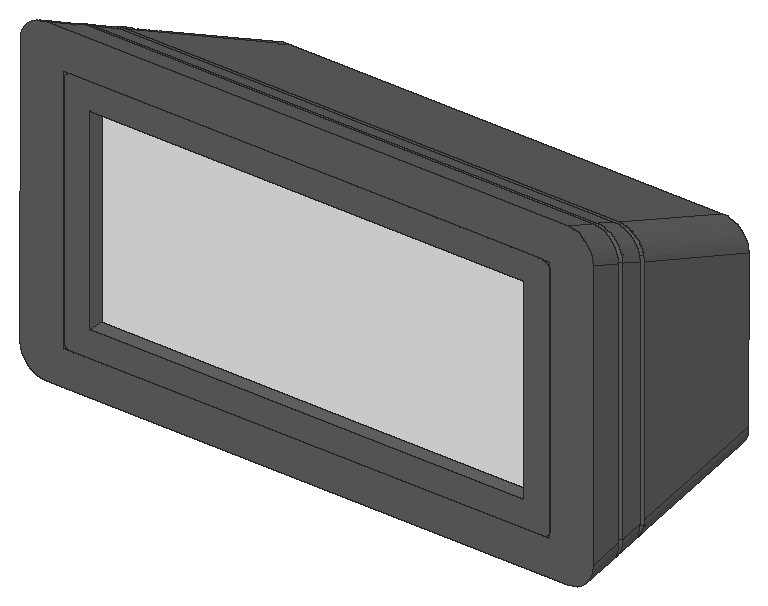
Revit family "TRP2", category Lighting Fixtures, host Face, Revit 2021
Family settings
  Host = Face
  Round Connector Dimension = Use Diameter
  Part Type = Normal
  OmniClass Number = 23.80.70.11
  OmniClass Title = Luminaries for Internal Lighting
  Cut with Voids When Loaded = No
  Light Source = Yes
  Shared = No
  Room Calculation Point = No
Parameters (values of type "TRP2")
  Wattage Comments = "30W"
  Wattage = 30 W
  built-in parameter 1150110 = 1 (stored number, unit not read)
  URL = "https://www.currentlighting.com/exo"
  built-in parameter 1114217 = 1 (stored number, unit not read)
  Tilt Angle = 70.00°
  built-in parameter 1150109 = 1 (stored number, unit not read)
  built-in parameter 1150134 = 3
  built-in parameter 1150113 = 1 (stored number, unit not read)
  Product Page URL = ""
  Product Documentation Link = ""
  Photometric Web File = "TRP2-24L-30-3K7-1.ies"
  Model = "TRP2"  # constant formula
  Manufacturer = "EXO"  # constant formula
  built-in parameter 1150105 = -14137770.2 (stored number, unit not read)
  Lumens = 3930 lm
  built-in parameter 1150115 = 1 (stored number, unit not read)
  built-in parameter 1150137 = (empty or 0)
  built-in parameter 1150139 = (empty or 0)
  built-in parameter 1150112 = 1 (stored number, unit not read)
  built-in parameter 1150114 = 1 (stored number, unit not read)
  Lamp = "One"
  Opal lens = Glass - White
  built-in parameter 1150132 = (empty or 0)
  built-in parameter 1150102 = (empty or 0)
  built-in parameter 1150107 = 3200 (stored number, unit not read)
  built-in parameter 1150138 = (empty or 0)
  built-in parameter 1150106 = -141377.7 (stored number, unit not read)
  Finish2 = White
  built-in parameter 1150104 = 12.17 (stored number, unit not read)
  Dimming Lamp Color Temperature Shift = <None>
  Description = "Mid sized architectural wallpacks in three stylish shapes with molded contours to accentuate building architecture. Provides excellent illumination in energy-saving LED systems."  # constant formula
  Default Elevation = 48"
  Finish = Paint -  Textured Camera Black
  Color Filter = 16777215
  built-in parameter 1114218 = 1 (stored number, unit not read)
  built-in parameter 1150133 = 10 (stored number, unit not read)
Reference planes (in)
  plane 1 "Center (Front/Back)": y = 2
  plane 2: z = 0
  plane 3 "Center (Left/Right)": x = 0
  plane 4: y = -5.13
  plane 5: z = 9.25
  plane 6: x = 8.25
  plane 7: x = -8.25
  plane 8: y = -3.88
Forms (in)
  SweptBlend 1, solid, material "Paint -  Textured Camera Black" <- "Finish"
    path origin (0, 0, 0) x (0, 1, 0) y (0, 0, 1)
      loop
        line (2, 4.625) -> (-5.13, 4.625)
    profile origin (0, 2, 4.625) x (0, 0, -1) y (1, 0, 0)
      loop
        arc (-1.375, -6.25) -> (-1.15533, -6.78033) -> (-0.625, -7) r 0.75
        line (-0.625, -7) -> (3.875, -7)
        arc (3.875, -7) -> (4.40533, -6.78033) -> (4.625, -6.25) r 0.75
        line (4.625, -6.25) -> (4.625, 6.25)
        arc (4.625, 6.25) -> (4.40533, 6.78033) -> (3.875, 7) r 0.75
        line (3.875, 7) -> (-0.625, 7)
        arc (-0.625, 7) -> (-1.15533, 6.78033) -> (-1.375, 6.25) r 0.75
        line (-1.375, 6.25) -> (-1.375, -6.25)
    end profile origin (0, -5.13, 4.625) x (0, 0, -1) y (1, 0, 0)
      loop
        arc (-4.625, -7.5) -> (-4.40533, -8.03033) -> (-3.875, -8.25) r 0.75
        line (-3.875, -8.25) -> (3.875, -8.25)
        arc (3.875, -8.25) -> (4.40533, -8.03033) -> (4.625, -7.5) r 0.75
        line (4.625, -7.5) -> (4.625, 7.5)
        arc (4.625, 7.5) -> (4.40533, 8.03033) -> (3.875, 8.25) r 0.75
        line (3.875, 8.25) -> (-3.875, 8.25)
        arc (-3.875, 8.25) -> (-4.40533, 8.03033) -> (-4.625, 7.5) r 0.75
        line (-4.625, 7.5) -> (-4.625, -7.5)
  Extrusion 2, void
    sketch origin (0, 0, 0) x (0, -1, 0) y (0, 0, 1)
      loop
        line (-1, 5.35683) -> (-1, 1) -> (5.30627, 1) -> (5.30627, 8.23136) -> (-1, 5.35683)
    from -7 to 7
  Extrusion 3, solid, material "Paint -  Textured Camera Black" <- "Finish"
    sketch origin (0, 2, 0) x (1, 0, 0) y (0, 0, 1)
      loop
        arc (-6.75, 8.15101) -> (-6.92678, 8.07779) -> (-7, 7.90101) r 0.25
        line (-7, 7.90101) -> (-7, 1.25)
        arc (-7, 1.25) -> (-6.92678, 1.07322) -> (-6.75, 1) r 0.25
        line (-6.75, 1) -> (6.75, 1)
        arc (6.75, 1) -> (6.92678, 1.07322) -> (7, 1.25) r 0.25
        line (7, 1.25) -> (7, 7.90101)
        arc (7, 7.90101) -> (6.92678, 8.07779) -> (6.75, 8.15101) r 0.25
        line (6.75, 8.15101) -> (-6.75, 8.15101)
      loop
        line (-6.25, 7.40101) -> (-6.25, 1.75) -> (6.25, 1.75) -> (6.25, 7.40101) -> (-6.25, 7.40101)
    from 6.6851 to 7.13
  Extrusion 4, solid, material "Glass - White" <- "Opal lens"
    sketch origin (0, 2, 0) x (1, 0, 0) y (0, 0, 1)
      loop
        line (-6.25, 7.40101) -> (-6.25, 1.75) -> (6.25, 1.75) -> (6.25, 7.40101) -> (-6.25, 7.40101)
    from 6.52156 to 6.6851
  Sweep 5, void
    path origin (0, -3.88, 10.14537) x (0, 0, 1) y (-1, 0, 0)
      loop
        arc (-10.14537, -7.2953) -> (-9.9257, -7.82563) -> (-9.39537, -8.0453) r 0.75
        line (-9.39537, -8.0453) -> (-2.25312, -8.0453)
        arc (-2.25312, -8.0453) -> (-1.72279, -7.82563) -> (-1.50312, -7.2953) r 0.75
        line (-1.50312, -7.2953) -> (-1.50312, 7.32124)
        arc (-1.50312, 7.32124) -> (-1.72279, 7.85157) -> (-2.25312, 8.07124) r 0.75
        line (-2.25312, 8.07124) -> (-9.39537, 8.07124)
        arc (-9.39537, 8.07124) -> (-9.9257, 7.85157) -> (-10.14537, 7.32124) r 0.75
    profile origin (-8.07124, -3.88, 4.32113) x (0, -1, 0) y (1, 0, 0)
      loop
        circle (0, 0) r 0.125
  Sweep 6, void
    path origin (0, -2.89519, 9.78422) x (0, 0, 1) y (-1, 0, 0)
      loop
        arc (-9.89537, -7.2953) -> (-9.6757, -7.82563) -> (-9.14537, -8.0453) r 0.75
        line (-9.14537, -8.0453) -> (-2.20624, -8.0453)
        arc (-2.20624, -8.0453) -> (-1.67591, -7.82563) -> (-1.45624, -7.2953) r 0.75
        line (-1.45624, -7.2953) -> (-1.45624, 7.25874)
        arc (-1.45624, 7.25874) -> (-1.67591, 7.78907) -> (-2.20624, 8.00874) r 0.75
        line (-2.20624, 8.00874) -> (-9.08287, 8.00874)
        arc (-9.08287, 8.00874) -> (-9.6132, 7.78907) -> (-9.83287, 7.25874) r 0.75
    profile origin (-8.00874, -2.89519, 4.13967) x (0, -1, 0) y (1, 0, 0)
      loop
        circle (0, 0.17188) r 0.125
Cuts and joins
  Extrusion 2, Sweep 5, Sweep 6 cuts SweptBlend 1
Dimensions and locks (in)
  aligned and locked: plane 2 to host face
  aligned and locked: level to host face
  aligned and locked: plane 1 "Center (Front/Back)" to SweptBlend 1 sketch curve
  aligned and locked: plane 4 to SweptBlend 1 sketch curve
  aligned and locked: SweptBlend 1 sketch curve to plane 5
  aligned and locked: SweptBlend 1 sketch curve to plane 6
  aligned and locked: SweptBlend 1 sketch curve to plane 7
  aligned and locked: Extrusion 2 to SweptBlend 1  (x2)
  aligned and locked: plane 4 to Extrusion 3
  aligned and locked: Extrusion 4 to Extrusion 3
Connectors (in)
  electrical at (0, 0, 0), driven by "Description"
    settings: index 1, voltage 0 V, apparent load 0 VA, apparent load phase1 0 VA, apparent load phase2 0 VA, apparent load phase3 0 VA, power factor 1, load classification "Other", number of poles 1, system type 30, power factor state 1, is connector primary yes, connector utility no, sub classification motor no, connector description "Mid sized architectural wallpacks in three stylish shapes with molded contours to accentuate building architecture. Provides excellent illumination in energy-saving LED systems."
